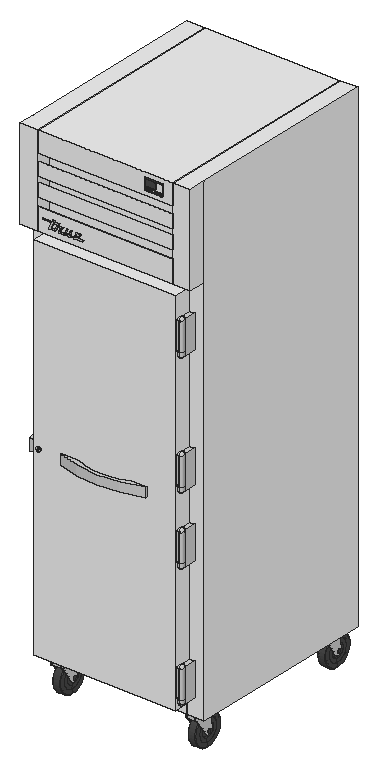
Revit family "QF_TRUE_STR1R-1S-HC", category Specialty Equipment, Revit 2011
Parameters
  Weight in Pounds = 0
  Watts = Volts * FL Amps  # 437 W
  Volts = 115 V
  URL Cutsheet = "www.truemfg.com"
  URL = "www.truemfg.com"
  Type Mark [instance] = "1"
  Type Comments = "www.truemfg.com"
  Status [instance] = ""
  Specification by User [instance] = ""
  Specification by Manufacturer = ""
  Show Seismic Flanged [instance] = no
  Show Logo [instance] = yes
  Show Legs [instance] = no
  Show Clearance [instance] = yes
  Serial Number = ""
  Seismic Rating = ""
  Seismic Plate [instance] = and(Show Seismic Flanged, not(Show Casters))  # no
  SMACNA No = ""
  Revision Code [instance] = ""
  Phase = 1
  Omniclass Number and Title = ""
  Number of Poles [instance] = 1
  NAFEM Spec ID Number = ""
  Model = "STR1R-1S-HC"
  Min Ckt Ampacity = 0 A
  Max Overcurrent Protection = 0 A
  Masterspec = ""
  Manufacturer = "TRUE FOOD SERVICE EQUIPMENT, INC."
  Length = 27 1/2"
  Legs [instance] = or(Show Legs, Show Seismic Flanged)  # no
  Item Number [instance] = ""
  Installed By [instance] = ""
  Identify Quantity as Lot [instance] = yes
  Height = 77 3/4"
  HP = "1/4"
  Furnished By [instance] = ""
  Foodservice Equipment Identifier [instance] = yes
  FL Amps = 3.8 A
  Electrical Remarks [instance] = ""
  Electric Connection Type [instance] = ""
  Elec Conn RI Height [instance] = 0"
  Elec Conn Connection Height [instance] = 0"
  Description = "REACH-IN SOLID SWING DOOR REFRIGERATORS WITH HYDROCARBON REFRIGERANT"
  Depth = 33 3/4"
  Cycle = 60 Hz
  Conn Plug = "5-15P"
  Conn Conduit = yes
  Show Casters [instance] = and(not(if(Show Legs, Show Legs, Show Legs)), not(if(Show Legs, Show Legs, Show Seismic Flanged)))  # yes
  CSI MasterFormat = ""
  CSI Master Format = ""
  Apparent Power = if(Phase = 3, Volts * FL Amps * 1.73, Volts * FL Amps)  # 437 VA
Reference planes (in)
  plane 1 "BACK": y = 0
  plane 2: z = 0
  plane 3 "LEFT": x = 0
  plane 4 "RIGHT": x = 27.5
  plane 5 "FRONT": y = -33.75
  plane 6 "TOP": z = 84.125
  plane 7: z = 6.125
  plane 8: x = 2.84375
  plane 9: y = -33.7042
  plane 10: y = -35.21875
Forms (in)
  Extrusion 1, solid, material "QF_Finishes_Chrome - Satin"
    sketch origin (0.05, 0, 0) x (1, 0, 0) y (0, 1, 0)
      loop
        line (-0.05, 0) -> (-0.05, -31) -> (2.87859, -31) -> (2.87859, 0) -> (-0.05, 0)
    from 6.125 to 84.125
  Extrusion 2, solid, material "QF_Finishes_Chrome - Satin"
    sketch origin (50.15, 0, 0) x (1, 0, 0) y (0, 1, 0)
      loop
        line (-25.44375, 0) -> (-25.44375, -31) -> (-22.65, -31) -> (-22.65, 0) -> (-25.44375, 0)
    from 6.125 to 84.125
  Extrusion 3, solid, material "QF_Finishes_Chrome - Satin"
    sketch origin (0, 0, 0) x (0, 1, 0) y (0, 0, 1)
      loop
        line (-33.7042, 69.5) -> (-31, 69.5) -> (-31, 6.125) -> (0, 6.125) -> (0, 84.125) -> (-33.7042, 84.125) -> (-33.7042, 80.78078) -> (-31.5, 79.21352) -> (-31.5, 78.09125) -> (-33.7042, 79.65851) -> (-33.7042, 77.5248) -> (-31.5, 75.95754) -> (-31.5, 74.99678) -> (-33.7042, 76.56404) -> (-33.7042, 74.46784) -> (-31.5, 72.90057) -> (-31.5, 71.625) -> (-33.7042, 73.19226) -> (-33.7042, 69.5)
    from 2.92859 to 24.70625
  Extrusion 4, solid, material "QF_Finishes_Chrome - Satin"
    sketch origin (0, 0, 0) x (1, 0, 0) y (0, 1, 0)
      loop
        line (27.45312, -31) -> (24.70625, -31) -> (24.70625, -33.75) -> (27.45312, -33.75) -> (27.45312, -31)
    from 69.5 to 84.125
  Extrusion 5, solid, material "QF_Finishes_Chrome - Satin"
    sketch origin (-50.125, 0, 0.25) x (1, 0, 0) y (0, 1, 0)
      loop
        line (53.05359, -31) -> (50.17188, -31) -> (50.17188, -33.75) -> (53.05359, -33.75) -> (53.05359, -31)
    from 69.25 to 83.875
  Extrusion 6, solid, material "QF_Finishes_Chrome - Satin"
    sketch origin (-24.96875, 0, -0.71875) x (1, 0, 0) y (0, 0, 1)
      loop
        line (27.15625, 8.75) -> (50.09375, 8.75) -> (50.09375, 68.6875) -> (27.15625, 68.6875) -> (27.15625, 8.75)
    from 31 to 33.75
  Extrusion 7, solid, material "QF_Finishes_Handrails and Railings"
    sketch origin (60.73125, -0.25, 26.37269) x (1, 0, 0) y (0, 1, 0)
      loop
        line (-53.875, -33.5) -> (-53.875, -33.7)
        arc (-53.875, -33.7) -> (-47.075, -34.96876) -> (-40.275, -33.7) r 18.85688
        line (-40.275, -33.7) -> (-40.275, -33.5) -> (-42.675, -33.5)
        arc (-42.675, -33.5) -> (-47.075, -34.5273) -> (-51.475, -33.5) r 9.93637
        line (-51.475, -33.5) -> (-53.875, -33.5)
    from 10.87731 to 12.37731
  Extrusion 8, solid, material "QF_Finishes_Handrails and Railings"
    sketch origin (-23.375, 0, -2) x (1, 0, 0) y (0, 0, 1)
      loop
        circle (26.4375, 40.0625) r 0.35
      loop
        line (26.47265, 40.33635) -> (26.41715, 40.33635) -> (26.41715, 39.76895) -> (26.47265, 39.76895) -> (26.47265, 40.33635)
    from 33.5 to 33.83066
  Extrusion 9, solid, material "QF_Finishes_Handrails and Railings", visible <- "Show Logo"
    sketch origin (0.33478, 1.08173, -6.73143) x (1, 0, 0) y (0, 0, 1)
      loop
        line (3.46044, 78.46231) -> (3.35478, 78.23573) -> (4.76027, 78.23573)
        arc (4.76027, 78.23573) -> (4.78879, 78.18528) -> (4.76027, 78.13484) r 0.05887
        line (4.76027, 78.13484) -> (4.39369, 77.34872)
        arc (4.39369, 77.34872) -> (4.39051, 77.27591) -> (4.43975, 77.22217) r 0.09523
        line (4.43975, 77.22217) -> (5.33844, 77.22217)
        arc (5.33844, 77.22217) -> (5.45192, 77.25795) -> (5.52436, 77.35235) r 0.19785
        line (5.52436, 77.35235) -> (5.81285, 77.97101) -> (6.0779, 77.97101)
        arc (6.0779, 77.97101) -> (6.14744, 77.94543) -> (6.13737, 77.87203) r 0.05911
        line (6.13737, 77.87203) -> (5.89598, 77.35437)
        arc (5.89598, 77.35437) -> (5.89974, 77.2684) -> (5.97231, 77.22217) r 0.09318
        line (5.97231, 77.22217) -> (6.76198, 77.22217)
        arc (6.76198, 77.22217) -> (6.82249, 77.24419) -> (6.85468, 77.29995) r 0.09412
        arc (6.85468, 77.29995) -> (6.87746, 77.24495) -> (6.93246, 77.22217) r 0.07778
        line (6.93246, 77.22217) -> (7.43246, 77.22217)
        arc (7.43246, 77.22217) -> (7.49022, 77.23765) -> (7.53251, 77.27993) r 0.11552
        arc (7.53251, 77.27993) -> (7.55275, 77.23106) -> (7.60162, 77.21081) r 0.06912
        line (7.60162, 77.21081) -> (8.31225, 77.21081)
        arc (8.31225, 77.21081) -> (8.37034, 77.23488) -> (8.39441, 77.29297) r 0.08216
        arc (8.39441, 77.29297) -> (8.44767, 77.23972) -> (8.52042, 77.22022) r 0.14551
        line (8.52042, 77.22022) -> (9.85158, 77.22022) -> (9.99946, 77.47634) -> (8.65678, 77.47634)
        arc (8.65678, 77.47634) -> (8.61972, 77.50204) -> (8.61834, 77.54711) r 0.05009
        line (8.61834, 77.54711) -> (8.64157, 77.59692)
        arc (8.64157, 77.59692) -> (8.67723, 77.64364) -> (8.73327, 77.66135) r 0.09747
        line (8.73327, 77.66135) -> (9.16485, 77.66135)
        arc (9.16485, 77.66135) -> (9.258, 77.68631) -> (9.32619, 77.7545) r 0.1863
        line (9.32619, 77.7545) -> (9.45119, 77.97101)
        arc (9.45119, 77.97101) -> (9.45119, 78.08657) -> (9.35111, 78.14434) r 0.11556
        line (9.35111, 78.14434) -> (8.89562, 78.14434)
        arc (8.89562, 78.14434) -> (8.7795, 78.12462) -> (8.69849, 78.03912) r 0.18605
        line (8.69849, 78.03912) -> (8.48204, 77.57493)
        arc (8.48204, 77.57493) -> (8.41815, 77.49167) -> (8.31806, 77.46011) r 0.1745
        line (8.31806, 77.46011) -> (7.84559, 77.46011)
        arc (7.84559, 77.46011) -> (7.78903, 77.52184) -> (7.79268, 77.60548) r 0.10939
        line (7.79268, 77.60548) -> (8.04395, 78.14434) -> (7.88403, 78.14434) -> (7.61781, 77.57344)
        arc (7.61781, 77.57344) -> (7.56609, 77.50603) -> (7.48505, 77.48048) r 0.14128
        line (7.48505, 77.48048) -> (7.15925, 77.48048)
        arc (7.15925, 77.48048) -> (7.10419, 77.55223) -> (7.116, 77.64189) r 0.11816
        line (7.116, 77.64189) -> (7.3503, 78.14434) -> (7.18514, 78.14434) -> (6.91546, 77.566)
        arc (6.91546, 77.566) -> (6.85285, 77.50339) -> (6.76733, 77.48048) r 0.17104
        line (6.76733, 77.48048) -> (6.29555, 77.48048)
        arc (6.29555, 77.48048) -> (6.21082, 77.51999) -> (6.20267, 77.61313) r 0.0935
        line (6.20267, 77.61313) -> (6.35774, 77.94569) -> (6.57695, 77.94569)
        arc (6.57695, 77.94569) -> (6.61395, 78.05717) -> (6.69267, 78.14434) r 0.2857
        line (6.69267, 78.14434) -> (5.83605, 78.14434)
        arc (5.83605, 78.14434) -> (5.74086, 78.12324) -> (5.67498, 78.05135) r 0.16212
        line (5.67498, 78.05135) -> (5.44279, 77.55341)
        arc (5.44279, 77.55341) -> (5.3894, 77.50002) -> (5.31647, 77.48048) r 0.14586
        line (5.31647, 77.48048) -> (4.80506, 77.48048)
        arc (4.80506, 77.48048) -> (4.76514, 77.53442) -> (4.77274, 77.60109) r 0.09155
        line (4.77274, 77.60109) -> (5.11018, 78.23573) -> (5.96155, 78.23573) -> (6.06721, 78.46231) -> (5.21584, 78.46231) -> (5.32149, 78.68888) -> (5.01862, 78.68888) -> (4.91297, 78.46231) -> (3.46044, 78.46231)
      loop
        arc (8.83805, 77.93863) -> (8.80119, 77.92875) -> (8.7742, 77.90176) r 0.07373
        line (8.7742, 77.90176) -> (8.75229, 77.83436)
        arc (8.75229, 77.83436) -> (8.76245, 77.80983) -> (8.78699, 77.79966) r 0.0347
        line (8.78699, 77.79966) -> (9.15948, 77.79966)
        arc (9.15948, 77.79966) -> (9.18632, 77.80561) -> (9.20812, 77.82234) r 0.0635
        line (9.20812, 77.82234) -> (9.22624, 77.90622)
        arc (9.22624, 77.90622) -> (9.22091, 77.92868) -> (9.20009, 77.93863) r 0.02676
        line (9.20009, 77.93863) -> (8.83805, 77.93863)
    from 34.76797 to 34.83173
  Extrusion 10, solid, material "QF_Finishes_White"
    sketch origin (-23.16691, 1.06376, 1.58022) x (1, 0, 0) y (0, 0, 1)
      loop
        line (43.31732, 81.73227) -> (43.31732, 79.98496) -> (46.22357, 79.98496) -> (46.22357, 81.73227) -> (43.31732, 81.73227)
    from 34.75 to 34.76797
  Extrusion 11, solid, material "QF_Finishes_Black"
    sketch origin (-23.16691, 1.06376, 1.58022) x (1, 0, 0) y (0, 0, 1)
      loop
        line (46.28607, 81.79477) -> (43.25482, 81.79477) -> (43.25482, 79.92246) -> (46.28607, 79.92246) -> (46.28607, 81.79477)
      loop
        spline (43.45482, 80.25372) -> (43.46333, 80.23754) -> (43.48831, 80.22247) -> (43.52804, 80.20952) -> (43.57982, 80.19959) -> (43.64011, 80.19335) -> (43.70482, 80.19122) -> (43.76952, 80.19335) -> (43.82982, 80.19959) -> (43.88159, 80.20952) -> (43.92132, 80.22247) -> (43.9463, 80.23754) -> (43.95482, 80.25372)
        spline (43.95482, 80.25372) -> (43.9463, 80.26989) -> (43.92132, 80.28497) -> (43.88159, 80.29791) -> (43.82982, 80.30784) -> (43.76952, 80.31409) -> (43.70482, 80.31622) -> (43.64011, 80.31409) -> (43.57982, 80.30784) -> (43.52804, 80.29791) -> (43.48831, 80.28497) -> (43.46333, 80.26989) -> (43.45482, 80.25372)
      loop
        spline (44.15083, 80.25372) -> (44.15935, 80.23754) -> (44.18432, 80.22247) -> (44.22405, 80.20952) -> (44.27583, 80.19959) -> (44.33612, 80.19335) -> (44.40083, 80.19122) -> (44.46553, 80.19335) -> (44.52583, 80.19959) -> (44.57761, 80.20952) -> (44.61734, 80.22247) -> (44.64231, 80.23754) -> (44.65083, 80.25372)
        spline (44.65083, 80.25372) -> (44.64231, 80.26989) -> (44.61734, 80.28497) -> (44.57761, 80.29791) -> (44.52583, 80.30784) -> (44.46553, 80.31409) -> (44.40083, 80.31622) -> (44.33612, 80.31409) -> (44.27583, 80.30784) -> (44.22405, 80.29791) -> (44.18432, 80.28497) -> (44.15935, 80.26989) -> (44.15083, 80.25372)
      loop
        spline (44.90083, 80.25372) -> (44.90935, 80.23754) -> (44.93432, 80.22247) -> (44.97405, 80.20952) -> (45.02583, 80.19959) -> (45.08612, 80.19335) -> (45.15083, 80.19122) -> (45.21553, 80.19335) -> (45.27583, 80.19959) -> (45.32761, 80.20952) -> (45.36734, 80.22247) -> (45.39231, 80.23754) -> (45.40083, 80.25372)
        spline (45.40083, 80.25372) -> (45.39231, 80.26989) -> (45.36734, 80.28497) -> (45.32761, 80.29791) -> (45.27583, 80.30784) -> (45.21553, 80.31409) -> (45.15083, 80.31622) -> (45.08612, 80.31409) -> (45.02583, 80.30784) -> (44.97405, 80.29791) -> (44.93432, 80.28497) -> (44.90935, 80.26989) -> (44.90083, 80.25372)
      loop
        line (43.45481, 81.59478) -> (43.45481, 80.59478) -> (45.15433, 80.59478) -> (45.15433, 81.59478) -> (43.45481, 81.59478)
      loop
        line (46.22357, 81.73227) -> (43.31732, 81.73227) -> (43.31732, 79.98496) -> (46.22357, 79.98496) -> (46.22357, 81.73227)
      loop
        spline (45.65083, 80.25372) -> (45.65935, 80.23754) -> (45.68432, 80.22247) -> (45.72405, 80.20952) -> (45.77583, 80.19959) -> (45.83612, 80.19335) -> (45.90083, 80.19122) -> (45.96553, 80.19335) -> (46.02583, 80.19959) -> (46.07761, 80.20952) -> (46.11734, 80.22247) -> (46.14231, 80.23754) -> (46.15083, 80.25372)
        spline (46.15083, 80.25372) -> (46.14231, 80.26989) -> (46.11734, 80.28497) -> (46.07761, 80.29791) -> (46.02583, 80.30784) -> (45.96553, 80.31409) -> (45.90083, 80.31622) -> (45.83612, 80.31409) -> (45.77583, 80.30784) -> (45.72405, 80.29791) -> (45.68432, 80.28497) -> (45.65935, 80.26989) -> (45.65083, 80.25372)
    from 34.76797 to 34.80335
  Extrusion 12, solid
    sketch origin (-25.125, 0, 0) x (1, 0, 0) y (0, 0, 1)
      loop
        circle (49.375, 82) r 0.25
    from 0 to 0.0625
  Blend 13, solid, material "QF_Finishes_Handrails and Railings"
    base sketch origin (27.53125, 0, 0) x (-1, 0, 0) y (0, 0, -1)
      loop
        line (25.25, -38.99169) -> (26, -38.99169) -> (26, -37.24169) -> (25.25, -37.24169) -> (25.25, -38.99169)
    top sketch origin (27.53125, 0, 0) x (-1, 0, 0) y (0, 0, -1)
      loop
        line (26.18223, -36.6441) -> (25.25, -36.6441) -> (25.25, -39.42643) -> (26.18223, -39.42643) -> (26.18223, -36.6441)
    from 33.57883 to 31
  Extrusion 14, solid, material "QF_Finishes_Handrails and Railings"
    sketch origin (26.1875, 0, 0) x (0, 1, 0) y (0, 0, -1)
      loop
        line (-31, -64.55229) -> (-31, -59.23627) -> (-33.25, -59.23627) -> (-33.25, -59.94848) -> (-32.81497, -59.94848) -> (-32.81497, -64.34776)
        arc (-32.81497, -64.34776) -> (-32.75506, -64.49238) -> (-32.61044, -64.55229) r 0.20453
        line (-32.61044, -64.55229) -> (-31, -64.55229)
    from 0.17506 to 1
  Revolve 15, solid, material "QF_Finishes_Handrails and Railings"
    sketch origin (25.6875, 0, 0) x (0, 1, 0) y (0, 0, -1)
      loop
        line (-33.26563, -60.00189) -> (-33.67229, -60.00189) -> (-33.67229, -64.4736)
        arc (-33.67229, -64.4736) -> (-33.53722, -64.72557) -> (-33.26563, -64.81483) r 0.3848
        line (-33.26563, -64.81483) -> (-33.26563, -60.00189)
      loop
        line (-33.26563, -59.94848) -> (-33.26563, -59.04781)
        arc (-33.26563, -59.04781) -> (-33.53264, -59.13383) -> (-33.67229, -59.37712) r 0.38884
        line (-33.67229, -59.37712) -> (-33.67229, -59.94848) -> (-33.26563, -59.94848)
      axis (-33.26563, -59.04781) -> (-33.26563, -64.81483)
    angle from 0 to 360
  Extrusion 16, solid, material "QF_Finishes_Handrails and Railings"
    sketch origin (27.5, 0, 0) x (-1, 0, 0) y (0, 0, -1)
      loop
        line (1.91491, -64.4736) -> (2.3125, -64.4736) -> (2.3125, -60.00079) -> (1.91491, -60.00079) -> (1.91491, -64.4736)
    from 32.81497 to 33.59495
  Extrusion 17, solid, material "QF_Finishes_Handrails and Railings"
    sketch origin (26.1875, 0, -19.5) x (0, 1, 0) y (0, 0, -1)
      loop
        line (-31, -64.55229) -> (-31, -59.23627) -> (-33.25, -59.23627) -> (-33.25, -59.94848) -> (-32.81497, -59.94848) -> (-32.81497, -64.34776)
        arc (-32.81497, -64.34776) -> (-32.75506, -64.49238) -> (-32.61044, -64.55229) r 0.20453
        line (-32.61044, -64.55229) -> (-31, -64.55229)
    from 0.17506 to 1
  Revolve 18, solid, material "QF_Finishes_Handrails and Railings"
    sketch origin (25.6875, 0, -19.5) x (0, 1, 0) y (0, 0, -1)
      loop
        line (-33.26563, -60.00189) -> (-33.67229, -60.00189) -> (-33.67229, -64.4736)
        arc (-33.67229, -64.4736) -> (-33.53722, -64.72557) -> (-33.26563, -64.81483) r 0.3848
        line (-33.26563, -64.81483) -> (-33.26563, -60.00189)
      loop
        line (-33.26563, -59.94848) -> (-33.26563, -59.04781)
        arc (-33.26563, -59.04781) -> (-33.53264, -59.13383) -> (-33.67229, -59.37712) r 0.38884
        line (-33.67229, -59.37712) -> (-33.67229, -59.94848) -> (-33.26563, -59.94848)
      axis (-33.26563, -59.04781) -> (-33.26563, -64.81483)
    angle from 0 to 360
  Extrusion 19, solid, material "QF_Finishes_Handrails and Railings"
    sketch origin (27.5, 0, -19.5) x (-1, 0, 0) y (0, 0, -1)
      loop
        line (1.91491, -64.4736) -> (2.3125, -64.4736) -> (2.3125, -60.00079) -> (1.91491, -60.00079) -> (1.91491, -64.4736)
    from 32.81497 to 33.59495
  Extrusion 20, solid, material "QF_Finishes_Handrails and Railings"
    sketch origin (26.1875, 0, -30.5) x (0, 1, 0) y (0, 0, -1)
      loop
        line (-31, -64.55229) -> (-31, -59.23627) -> (-33.25, -59.23627) -> (-33.25, -59.94848) -> (-32.81497, -59.94848) -> (-32.81497, -64.34776)
        arc (-32.81497, -64.34776) -> (-32.75506, -64.49238) -> (-32.61044, -64.55229) r 0.20453
        line (-32.61044, -64.55229) -> (-31, -64.55229)
    from 0.17506 to 1
  Revolve 21, solid, material "QF_Finishes_Handrails and Railings"
    sketch origin (25.6875, 0, -30.5) x (0, 1, 0) y (0, 0, -1)
      loop
        line (-33.26563, -60.00189) -> (-33.67229, -60.00189) -> (-33.67229, -64.4736)
        arc (-33.67229, -64.4736) -> (-33.53722, -64.72557) -> (-33.26563, -64.81483) r 0.3848
        line (-33.26563, -64.81483) -> (-33.26563, -60.00189)
      loop
        line (-33.26563, -59.94848) -> (-33.26563, -59.04781)
        arc (-33.26563, -59.04781) -> (-33.53264, -59.13383) -> (-33.67229, -59.37712) r 0.38884
        line (-33.67229, -59.37712) -> (-33.67229, -59.94848) -> (-33.26563, -59.94848)
      axis (-33.26563, -59.04781) -> (-33.26563, -64.81483)
    angle from 0 to 360
  Extrusion 22, solid, material "QF_Finishes_Handrails and Railings"
    sketch origin (27.5, 0, -30.5) x (-1, 0, 0) y (0, 0, -1)
      loop
        line (1.91491, -64.4736) -> (2.3125, -64.4736) -> (2.3125, -60.00079) -> (1.91491, -60.00079) -> (1.91491, -64.4736)
    from 32.81497 to 33.59495
  Extrusion 23, solid, material "QF_Finishes_Handrails and Railings"
    sketch origin (26.1875, 0, -50.25) x (0, 1, 0) y (0, 0, -1)
      loop
        line (-31, -64.55229) -> (-31, -59.23627) -> (-33.25, -59.23627) -> (-33.25, -59.94848) -> (-32.81497, -59.94848) -> (-32.81497, -64.34776)
        arc (-32.81497, -64.34776) -> (-32.75506, -64.49238) -> (-32.61044, -64.55229) r 0.20453
        line (-32.61044, -64.55229) -> (-31, -64.55229)
    from 0.17506 to 1
  Revolve 24, solid, material "QF_Finishes_Handrails and Railings"
    sketch origin (25.6875, 0, -50.25) x (0, 1, 0) y (0, 0, -1)
      loop
        line (-33.26563, -60.00189) -> (-33.67229, -60.00189) -> (-33.67229, -64.4736)
        arc (-33.67229, -64.4736) -> (-33.53722, -64.72557) -> (-33.26563, -64.81483) r 0.3848
        line (-33.26563, -64.81483) -> (-33.26563, -60.00189)
      loop
        line (-33.26563, -59.94848) -> (-33.26563, -59.04781)
        arc (-33.26563, -59.04781) -> (-33.53264, -59.13383) -> (-33.67229, -59.37712) r 0.38884
        line (-33.67229, -59.37712) -> (-33.67229, -59.94848) -> (-33.26563, -59.94848)
      axis (-33.26563, -59.04781) -> (-33.26563, -64.81483)
    angle from 0 to 360
  Extrusion 25, solid, material "QF_Finishes_Handrails and Railings"
    sketch origin (27.5, 0, -50.25) x (-1, 0, 0) y (0, 0, -1)
      loop
        line (1.91491, -64.4736) -> (2.3125, -64.4736) -> (2.3125, -60.00079) -> (1.91491, -60.00079) -> (1.91491, -64.4736)
    from 32.81497 to 33.59495
  Revolve 26, solid, material "QF_Finishes_Black", visible <- "Show Casters"
    sketch origin (22.65625, -27.375, 0) x (1, 0, 0) y (0, 0, 1)
      loop
        line (1.475, 5) -> (1.375, 4.9) -> (1.375, 4.29941) -> (1.53601, 4.29941) -> (1.53601, 3.54941) -> (1.375, 3.54941) -> (1.375, 2.79941) -> (0.975, 2.79941) -> (0.975, 2.5) -> (3.025, 2.5) -> (3.025, 2.79941) -> (2.62908, 2.79941) -> (2.62908, 3.54941) -> (2.46399, 3.54941) -> (2.46399, 4.29941) -> (2.62908, 4.29941) -> (2.62908, 4.89592) -> (2.525, 5) -> (1.475, 5)
      axis (3.025, 2.5) -> (0.975, 2.5)
    angle from 0 to 360
  Extrusion 27, solid, material "QF_Finishes_Handrails and Railings", visible <- "Show Casters"
    sketch origin (22.5625, 0, 0) x (0, 1, 0) y (0, 0, 1)
      loop
        line (-29.95136, 5.48574) -> (-29.95136, 4.88089) -> (-29.70136, 4.88089) -> (-27.95216, 2.18736)
        arc (-27.95216, 2.18736) -> (-27.23883, 1.94868) -> (-26.84581, 2.59003) r 0.60416
        line (-26.84581, 2.59003) -> (-27.20136, 5.48574) -> (-29.95136, 5.48574)
      loop
        line (-3.8577, 5.48574) -> (-3.8577, 4.88089) -> (-3.6077, 4.88089) -> (-1.8585, 2.18736)
        arc (-1.8585, 2.18736) -> (-1.14517, 1.94868) -> (-0.75215, 2.59003) r 0.60416
        line (-0.75215, 2.59003) -> (-1.1077, 5.48574) -> (-3.8577, 5.48574)
    from 1.175 to 1.325
  Extrusion 28, solid, material "QF_Finishes_Handrails and Railings", visible <- "Show Casters"
    sketch origin (24.0625, 0, 0) x (0, 1, 0) y (0, 0, 1)
      loop
        line (-29.95136, 5.48574) -> (-29.95136, 4.88089) -> (-29.70136, 4.88089) -> (-27.95216, 2.18736)
        arc (-27.95216, 2.18736) -> (-27.23883, 1.94868) -> (-26.84581, 2.59003) r 0.60416
        line (-26.84581, 2.59003) -> (-27.20136, 5.48574) -> (-29.95136, 5.48574)
      loop
        line (-3.8577, 5.48574) -> (-3.8577, 4.88089) -> (-3.6077, 4.88089) -> (-1.8585, 2.18736)
        arc (-1.8585, 2.18736) -> (-1.14517, 1.94868) -> (-0.75215, 2.59003) r 0.60416
        line (-0.75215, 2.59003) -> (-1.1077, 5.48574) -> (-3.8577, 5.48574)
    from 1.175 to 1.325
  Revolve 29, solid, material "QF_Finishes_Chrome - Satin", visible <- "Show Casters"
    sketch origin (22.65625, -28.5625, -0.5) x (1, 0, 0) y (0, 0, 1)
      loop
        line (2, 5.99546) -> (2, 6.62359) -> (0.70293, 6.62359) -> (0.70293, 5.99546) -> (2, 5.99546)
      axis (2, 5.99546) -> (2, 6.62359)
    angle from 0 to 360
  Revolve 30, solid, material "QF_Finishes_Chrome - Satin", visible <- "Legs"
    sketch origin (22.65625, -2.69102, 0) x (1, 0, 0) y (0, 0, 1)
      loop
        line (2, 6.125) -> (0.66662, 6.125) -> (1.25, 1) -> (1.5, 1) -> (1.5, 0) -> (2, 0) -> (2, 6.125)
      axis (2, 0) -> (2, 6.125)
    angle from 0 to 360
  Revolve 31, solid, material "QF_Finishes_Chrome - Satin", visible <- "Legs"
    sketch origin (22.65625, -28.65977, 0) x (1, 0, 0) y (0, 0, 1)
      loop
        line (2, 6.125) -> (0.66662, 6.125) -> (1.25, 1) -> (1.5, 1) -> (1.5, 0) -> (2, 0) -> (2, 6.125)
      axis (2, 0) -> (2, 6.125)
    angle from 0 to 360
  Revolve 32, solid, material "QF_Finishes_Chrome - Satin", visible <- "Show Casters"
    sketch origin (22.65625, -2.70321, -0.5) x (1, 0, 0) y (0, 0, 1)
      loop
        line (2, 5.99546) -> (2, 6.62359) -> (0.70293, 6.62359) -> (0.70293, 5.99546) -> (2, 5.99546)
      axis (2, 5.99546) -> (2, 6.62359)
    angle from 0 to 360
  Extrusion 33, solid, material "QF_Finishes_Handrails and Railings", visible <- "Show Casters"
    sketch origin (-25.21875, 0, 0) x (0, 1, 0) y (0, 0, 1)
      loop
        line (-29.95136, 5.48574) -> (-29.95136, 4.88089) -> (-29.70136, 4.88089) -> (-27.16533, 5.19227) -> (-27.20136, 5.48574) -> (-29.95136, 5.48574)
      loop
        line (-3.8577, 5.48574) -> (-3.8577, 4.88089) -> (-3.6077, 4.88089) -> (-1.07167, 5.19227) -> (-1.1077, 5.48574) -> (-3.8577, 5.48574)
    from 49.10625 to 50.45625
  Revolve 34, solid, material "QF_Finishes_Black", visible <- "Show Casters"
    sketch origin (22.65625, -1.21875, 0) x (1, 0, 0) y (0, 0, 1)
      loop
        line (1.475, 5) -> (1.375, 4.9) -> (1.375, 4.29941) -> (1.53601, 4.29941) -> (1.53601, 3.54941) -> (1.375, 3.54941) -> (1.375, 2.79941) -> (0.975, 2.79941) -> (0.975, 2.5) -> (3.025, 2.5) -> (3.025, 2.79941) -> (2.62908, 2.79941) -> (2.62908, 3.54941) -> (2.46399, 3.54941) -> (2.46399, 4.29941) -> (2.62908, 4.29941) -> (2.62908, 4.89592) -> (2.525, 5) -> (1.475, 5)
      axis (3.025, 2.5) -> (0.975, 2.5)
    angle from 0 to 360
  Revolve 35, solid, material "QF_Finishes_Black", visible <- "Show Casters"
    sketch origin (0.84375, -27.375, 0) x (1, 0, 0) y (0, 0, 1)
      loop
        line (1.475, 5) -> (1.375, 4.9) -> (1.375, 4.29941) -> (1.53601, 4.29941) -> (1.53601, 3.54941) -> (1.375, 3.54941) -> (1.375, 2.79941) -> (0.975, 2.79941) -> (0.975, 2.5) -> (3.025, 2.5) -> (3.025, 2.79941) -> (2.62908, 2.79941) -> (2.62908, 3.54941) -> (2.46399, 3.54941) -> (2.46399, 4.29941) -> (2.62908, 4.29941) -> (2.62908, 4.89592) -> (2.525, 5) -> (1.475, 5)
      axis (3.025, 2.5) -> (0.975, 2.5)
    angle from 0 to 360
  Extrusion 36, solid, material "QF_Finishes_Handrails and Railings", visible <- "Show Casters"
    sketch origin (0.84375, 0, 0) x (0, 1, 0) y (0, 0, 1)
      loop
        line (-29.95136, 5.48574) -> (-29.95136, 4.88089) -> (-29.70136, 4.88089) -> (-27.95216, 2.18736)
        arc (-27.95216, 2.18736) -> (-27.23883, 1.94868) -> (-26.84581, 2.59003) r 0.60416
        line (-26.84581, 2.59003) -> (-27.20136, 5.48574) -> (-29.95136, 5.48574)
      loop
        line (-3.8577, 5.48574) -> (-3.8577, 4.88089) -> (-3.6077, 4.88089) -> (-1.8585, 2.18736)
        arc (-1.8585, 2.18736) -> (-1.14517, 1.94868) -> (-0.75215, 2.59003) r 0.60416
        line (-0.75215, 2.59003) -> (-1.1077, 5.48574) -> (-3.8577, 5.48574)
    from 1.175 to 1.325
  Extrusion 37, solid, material "QF_Finishes_Handrails and Railings", visible <- "Show Casters"
    sketch origin (2.34375, 0, 0) x (0, 1, 0) y (0, 0, 1)
      loop
        line (-29.95136, 5.48574) -> (-29.95136, 4.88089) -> (-29.70136, 4.88089) -> (-27.95216, 2.18736)
        arc (-27.95216, 2.18736) -> (-27.23883, 1.94868) -> (-26.84581, 2.59003) r 0.60416
        line (-26.84581, 2.59003) -> (-27.20136, 5.48574) -> (-29.95136, 5.48574)
      loop
        line (-3.8577, 5.48574) -> (-3.8577, 4.88089) -> (-3.6077, 4.88089) -> (-1.8585, 2.18736)
        arc (-1.8585, 2.18736) -> (-1.14517, 1.94868) -> (-0.75215, 2.59003) r 0.60416
        line (-0.75215, 2.59003) -> (-1.1077, 5.48574) -> (-3.8577, 5.48574)
    from 1.175 to 1.325
  Revolve 38, solid, material "QF_Finishes_Chrome - Satin", visible <- "Show Casters"
    sketch origin (0.84375, -28.5625, -0.5) x (1, 0, 0) y (0, 0, 1)
      loop
        line (2, 5.99546) -> (2, 6.62359) -> (0.70293, 6.62359) -> (0.70293, 5.99546) -> (2, 5.99546)
      axis (2, 5.99546) -> (2, 6.62359)
    angle from 0 to 360
  Revolve 39, solid, material "QF_Finishes_Chrome - Satin", visible <- "Legs"
    sketch origin (0.84375, -2.69102, 0) x (1, 0, 0) y (0, 0, 1)
      loop
        line (2, 6.125) -> (0.66662, 6.125) -> (1.25, 1) -> (1.5, 1) -> (1.5, 0) -> (2, 0) -> (2, 6.125)
      axis (2, 0) -> (2, 6.125)
    angle from 0 to 360
  Revolve 40, solid, material "QF_Finishes_Chrome - Satin", visible <- "Legs"
    sketch origin (0.84375, -28.65977, 0) x (1, 0, 0) y (0, 0, 1)
      loop
        line (2, 6.125) -> (0.66662, 6.125) -> (1.25, 1) -> (1.5, 1) -> (1.5, 0) -> (2, 0) -> (2, 6.125)
      axis (2, 0) -> (2, 6.125)
    angle from 0 to 360
  Revolve 41, solid, material "QF_Finishes_Chrome - Satin", visible <- "Show Casters"
    sketch origin (0.84375, -2.70321, -0.5) x (1, 0, 0) y (0, 0, 1)
      loop
        line (2, 5.99546) -> (2, 6.62359) -> (0.70293, 6.62359) -> (0.70293, 5.99546) -> (2, 5.99546)
      axis (2, 5.99546) -> (2, 6.62359)
    angle from 0 to 360
  Extrusion 42, solid, material "QF_Finishes_Handrails and Railings", visible <- "Show Casters"
    sketch origin (-46.9375, 0, 0) x (0, 1, 0) y (0, 0, 1)
      loop
        line (-29.95136, 5.48574) -> (-29.95136, 4.88089) -> (-29.70136, 4.88089) -> (-27.16533, 5.19227) -> (-27.20136, 5.48574) -> (-29.95136, 5.48574)
      loop
        line (-3.8577, 5.48574) -> (-3.8577, 4.88089) -> (-3.6077, 4.88089) -> (-1.07167, 5.19227) -> (-1.1077, 5.48574) -> (-3.8577, 5.48574)
    from 49.10625 to 50.45625
  Revolve 43, solid, material "QF_Finishes_Black", visible <- "Show Casters"
    sketch origin (0.84375, -1.21875, 0) x (1, 0, 0) y (0, 0, 1)
      loop
        line (1.475, 5) -> (1.375, 4.9) -> (1.375, 4.29941) -> (1.53601, 4.29941) -> (1.53601, 3.54941) -> (1.375, 3.54941) -> (1.375, 2.79941) -> (0.975, 2.79941) -> (0.975, 2.5) -> (3.025, 2.5) -> (3.025, 2.79941) -> (2.62908, 2.79941) -> (2.62908, 3.54941) -> (2.46399, 3.54941) -> (2.46399, 4.29941) -> (2.62908, 4.29941) -> (2.62908, 4.89592) -> (2.525, 5) -> (1.475, 5)
      axis (3.025, 2.5) -> (0.975, 2.5)
    angle from 0 to 360
  Extrusion 44, solid, material "QF_Door-Drawer Clearances", visible <- "Show Clearance", detail levels coarse
    sketch origin (26.30341, -3.6098, 0) x (1, 0, 0) y (0, 1, 0)
      loop
        line (-1.17841, -30.1402) -> (-24.14716, -30.1402)
        arc (-24.14716, -30.1402) -> (-17.41977, -46.38156) -> (-1.17841, -53.10895) r 22.96875
        line (-1.17841, -53.10895) -> (-1.17841, -30.1402)
    from 8.03125 to 67.96875
  Extrusion 45, solid, material "QF_Finishes_Chrome - Satin", visible <- "Seismic Plate"
    sketch origin (21.49334, -26.96562, 0) x (1, 0, 0) y (0, 1, 0)
      loop
        circle (3.16291, -1.69416) r 1.5
    from 0 to 0.25
  Extrusion 46, solid, material "QF_Finishes_Chrome - Satin", visible <- "Seismic Plate"
    sketch origin (-0.22541, -26.96562, 0) x (1, 0, 0) y (0, 1, 0)
      loop
        circle (3.06916, -1.69416) r 1.5
    from 0 to 0.25
  Extrusion 47, solid, material "QF_Finishes_Chrome - Satin", visible <- "Seismic Plate"
    sketch origin (21.49334, -0.99687, 0) x (1, 0, 0) y (0, 1, 0)
      loop
        circle (3.16291, -1.69416) r 1.5
    from 0 to 0.25
  Extrusion 48, solid, material "QF_Finishes_Chrome - Satin", visible <- "Seismic Plate"
    sketch origin (-0.22541, -0.99687, 0) x (1, 0, 0) y (0, 1, 0)
      loop
        circle (3.06916, -1.69416) r 1.5
    from 0 to 0.25
Cuts and joins
  joined: Extrusion 1, Extrusion 2, Extrusion 4, Extrusion 5
Lines and regions (in)
  symbolic lines
    curve 1: line (0, 0, 0) -> (27.5, 0, 0)
    curve 2: line (0, -33.75, 0) -> (0, 0, 0)
    curve 3: line (27.5, -33.75, 0) -> (0, -33.75, 0)
    curve 4: line (27.5, 0, 0) -> (27.5, -33.75, 0)
    curve 5: line (27.5, -31.5, 0) -> (0, -31.5, 0)
    curve 22: arc (18.05625, -33.75, 0) -> (13.65625, -34.7773, 0) -> (9.25625, -33.75, 0) r 9.93637
    curve 23: arc (6.88246, -33.96011, 0) -> (13.68435, -35.21874, 0) -> (20.48246, -33.93984, 0) r 18.85688
    curve 24: line (6.88246, -33.75, 0) -> (6.88246, -33.96011, 0)
    curve 25: line (20.48246, -33.93984, 0) -> (20.48246, -33.75, 0)
  symbolic lines, style "SpecialityEquipmentHiddenLines", visible <- "Show Casters"
    curve 6: line (3.82597, -24.4208, 0) -> (5.12501, -25.1708, 0)
    curve 7: line (1.20097, -28.96743, 0) -> (3.82597, -24.4208, 0)
    curve 8: line (2.50001, -29.71743, 0) -> (1.20097, -28.96743, 0)
    curve 9: line (5.12501, -25.1708, 0) -> (2.50001, -29.71743, 0)
    curve 10: line (3.82597, -0.4208, 0) -> (5.12501, -1.1708, 0)
    curve 11: line (1.20097, -4.96743, 0) -> (3.82597, -0.4208, 0)
    curve 12: line (2.50001, -5.71743, 0) -> (1.20097, -4.96743, 0)
    curve 13: line (5.12501, -1.1708, 0) -> (2.50001, -5.71743, 0)
    curve 14: line (24.73343, -0.4208, 0) -> (26.03247, -1.1708, 0)
    curve 15: line (22.10843, -4.96743, 0) -> (24.73343, -0.4208, 0)
    curve 16: line (23.40747, -5.71743, 0) -> (22.10843, -4.96743, 0)
    curve 17: line (26.03247, -1.1708, 0) -> (23.40747, -5.71743, 0)
    curve 18: line (24.82718, -24.52487, 0) -> (26.12622, -25.27487, 0)
    curve 19: line (22.20218, -29.07151, 0) -> (24.82718, -24.52487, 0)
    curve 20: line (23.50122, -29.82151, 0) -> (22.20218, -29.07151, 0)
    curve 21: line (26.12622, -25.27487, 0) -> (23.50122, -29.82151, 0)
  symbolic lines, style "QF_Door-Drawer Clearances"
    curve 26: line (25.125, -33.75, 0) -> (5.23348, -45.23438, 0)
    curve 27: arc (5.23348, -45.23438, 0) -> (2.93889, -39.69475, 0) -> (2.15625, -33.75, 0) r 22.96875
Dimensions and locks (in)
  "Depth": plane 5 "FRONT" to plane 1 "BACK"
  plane 7 to level = 6 1/8"
  plane 6 "TOP" to level = 84 1/8"
  plane 6 "TOP" to plane 7 = 78"
  plane 6 "TOP" to cut or joined group of Extrusion 1, Extrusion 2, Extrusion 4, Extrusion 5 = 14 5/8"
  Extrusion 6 sketch curve to Extrusion 6 sketch curve = 22 15/16"
  Extrusion 6 to plane 1 "BACK" = 33 3/4"
  "Length": plane 3 "LEFT" to plane 4 "RIGHT"
  plane 4 "RIGHT" to plane 3 "LEFT" = 27 1/2"
  cut or joined group of Extrusion 1, Extrusion 2, Extrusion 4, Extrusion 5 to cut or joined group of Extrusion 1, Extrusion 2, Extrusion 4, Extrusion 5 = 27 13/32"
  Extrusion 6 to Extrusion 6 = 22 15/16"
  Extrusion 7 to Extrusion 6 = 29 7/32"
  Extrusion 6 to Extrusion 7 = 29 7/32"
  plane 1 "BACK" to plane 10 = 35 7/32"
  aligned and locked: level to plane 2
Automatic sketch dimensions
  Extrusion 1 sketch curve to plane 3 "LEFT" = 0"
  plane 1 "BACK" to Extrusion 1 sketch curve = 0"
  plane 8 to Extrusion 1 sketch curve = 0.08484"
  Extrusion 1 sketch curve to plane 5 "FRONT" = 2 3/4"
  plane 1 "BACK" to Extrusion 2 sketch curve = 0"
  Extrusion 2 sketch curve to plane 4 "RIGHT" = 0"
  Extrusion 2 sketch curve to plane 4 "RIGHT" = 2.79375"
  Extrusion 2 sketch curve to plane 5 "FRONT" = 2 3/4"
  Extrusion 3 sketch curve to plane 9 = 0"  (x4)
  Extrusion 3 sketch curve to plane 6 "TOP" = 0"
  plane 9 to Extrusion 3 sketch curve = 2.2042"  (x2)
  Extrusion 3 sketch curve to Extrusion 3 sketch curve = 0"
  Extrusion 3 sketch curve to Extrusion 3 sketch curve = 1/2"
  plane 1 "BACK" to Extrusion 3 sketch curve = 0"
  Extrusion 3 sketch curve to plane 6 "TOP" = 3.34422"
  Extrusion 3 sketch curve to Extrusion 3 sketch curve = 1.12227"  (x2)
  Extrusion 3 sketch curve to Extrusion 3 sketch curve = 0.445"
  Extrusion 3 sketch curve to Extrusion 3 sketch curve = 2.13371"  (x2)
  Extrusion 3 sketch curve to Extrusion 3 sketch curve = 0.96076"  (x2)
  Extrusion 3 sketch curve to Extrusion 3 sketch curve = 2.0962"  (x2)
  Extrusion 3 sketch curve to Extrusion 3 sketch curve = 1.27557"  (x2)
  Extrusion 3 sketch curve to Extrusion 3 sketch curve = 2 1/8"
  Extrusion 3 sketch curve to plane 7 = 0"
  plane 5 "FRONT" to Extrusion 4 sketch curve = 0"
  Extrusion 4 sketch curve to plane 4 "RIGHT" = 2.79375"
  Extrusion 4 sketch curve to plane 4 "RIGHT" = 3/64"
  Extrusion 4 sketch curve to plane 5 "FRONT" = 2 3/4"
  plane 5 "FRONT" to Extrusion 5 sketch curve = 0"
  plane 3 "LEFT" to Extrusion 5 sketch curve = 3/64"
  plane 8 to Extrusion 5 sketch curve = 0.08484"
  Extrusion 5 sketch curve to plane 5 "FRONT" = 2 3/4"
  Extrusion 6 sketch curve to plane 8 = 21/32"
  plane 7 to Extrusion 6 sketch curve = 1 29/32"
  Extrusion 6 sketch curve to plane 6 "TOP" = 16 5/32"
  plane 8 to Extrusion 8 sketch curve = 0.1984"
  plane 8 to Extrusion 8 sketch curve = 7/32"
  Extrusion 8 sketch curve to Extrusion 8 sketch curve = 0.0555"
  plane 7 to Extrusion 8 sketch curve = 31.64395"
  Extrusion 8 sketch curve to Extrusion 8 sketch curve = 0.29355"
  Extrusion 8 sketch curve to Extrusion 8 sketch curve = 0.27385"
  plane 8 to Extrusion 9 sketch curve = 0.84582"
  Extrusion 9 sketch curve to Extrusion 9 sketch curve = 0.10565"  (x5)
  Extrusion 9 sketch curve to Extrusion 9 sketch curve = 1.03891"
  Extrusion 9 sketch curve to Extrusion 9 sketch curve = 0.04606"
  Extrusion 9 sketch curve to Extrusion 9 sketch curve = 0.04025"
  Extrusion 9 sketch curve to Extrusion 9 sketch curve = 0.33624"
  Extrusion 9 sketch curve to Extrusion 9 sketch curve = 0.03034"  (x2)
  Extrusion 9 sketch curve to Extrusion 9 sketch curve = 0.29274"
  Extrusion 9 sketch curve to Extrusion 9 sketch curve = 0.03232"
  Extrusion 9 sketch curve to Extrusion 9 sketch curve = 0.08083"
  Extrusion 9 sketch curve to Extrusion 9 sketch curve = 0.1527"
  Extrusion 9 sketch curve to Extrusion 9 sketch curve = 0.19721"
  Extrusion 9 sketch curve to Extrusion 9 sketch curve = 0.4629"
  Extrusion 9 sketch curve to Extrusion 9 sketch curve = 0.02197"
  Extrusion 9 sketch curve to Extrusion 9 sketch curve = 0.12632"
  Extrusion 9 sketch curve to Extrusion 9 sketch curve = 0.18591"
  Extrusion 9 sketch curve to Extrusion 9 sketch curve = 0.2322"
  Extrusion 9 sketch curve to Extrusion 9 sketch curve = 0.13786"
  Extrusion 9 sketch curve to Extrusion 9 sketch curve = 0.00907"
  Extrusion 9 sketch curve to Extrusion 9 sketch curve = 0.01413"
  Extrusion 9 sketch curve to Extrusion 9 sketch curve = 0.37162"
  Extrusion 9 sketch curve to Extrusion 9 sketch curve = 0.12551"
  Extrusion 9 sketch curve to Extrusion 9 sketch curve = 0.07633"
  Extrusion 9 sketch curve to Extrusion 9 sketch curve = 0.08445"
  Extrusion 9 sketch curve to Extrusion 9 sketch curve = 0.25598"
  Extrusion 9 sketch curve to Extrusion 9 sketch curve = 0.01887"
  Extrusion 9 sketch curve to Extrusion 9 sketch curve = 0.04061"
  Extrusion 9 sketch curve to Extrusion 9 sketch curve = 0.0653"
  Extrusion 9 sketch curve to Extrusion 9 sketch curve = 0.08474"
  Extrusion 9 sketch curve to Extrusion 9 sketch curve = 0.00815"
  Extrusion 9 sketch curve to Extrusion 9 sketch curve = 0.22037"
  Extrusion 9 sketch curve to Extrusion 9 sketch curve = 0.21921"
  Extrusion 9 sketch curve to Extrusion 9 sketch curve = 0.11572"
  Extrusion 9 sketch curve to Extrusion 9 sketch curve = 0.46643"
  Extrusion 9 sketch curve to Extrusion 9 sketch curve = 0.00535"
  Extrusion 9 sketch curve to Extrusion 9 sketch curve = 0.09269"
  Extrusion 9 sketch curve to Extrusion 9 sketch curve = 0.09348"
  Extrusion 9 sketch curve to Extrusion 9 sketch curve = 0.14812"
  Extrusion 9 sketch curve to Extrusion 9 sketch curve = 0.07778"  (x3)
  Extrusion 9 sketch curve to Extrusion 9 sketch curve = 0.20054"
  Extrusion 9 sketch curve to Extrusion 9 sketch curve = 0.04325"
  Extrusion 9 sketch curve to Extrusion 9 sketch curve = 0.32433"
  Extrusion 9 sketch curve to Extrusion 9 sketch curve = 0.10233"  (x2)
  Extrusion 9 sketch curve to Extrusion 9 sketch curve = 0.16515"
  Extrusion 9 sketch curve to Extrusion 9 sketch curve = 0.27321"
  Extrusion 9 sketch curve to Extrusion 9 sketch curve = 0.0526"
  Extrusion 9 sketch curve to Extrusion 9 sketch curve = 0.10005"
  Extrusion 9 sketch curve to Extrusion 9 sketch curve = 0.06912"
  Extrusion 9 sketch curve to Extrusion 9 sketch curve = 0.13276"
  Extrusion 9 sketch curve to Extrusion 9 sketch curve = 0.17486"
  Extrusion 9 sketch curve to Extrusion 9 sketch curve = 0.05291"
  Extrusion 9 sketch curve to Extrusion 9 sketch curve = 0.53374"
  Extrusion 9 sketch curve to Extrusion 9 sketch curve = 0.09914"  (x2)
  Extrusion 9 sketch curve to Extrusion 9 sketch curve = 0.15992"
  Extrusion 9 sketch curve to Extrusion 9 sketch curve = 0.46666"
  Extrusion 9 sketch curve to Extrusion 9 sketch curve = 0.00582"
  Extrusion 9 sketch curve to Extrusion 9 sketch curve = 0.08216"
  Extrusion 9 sketch curve to Extrusion 9 sketch curve = 0.16397"
  Extrusion 9 sketch curve to Extrusion 9 sketch curve = 0.12601"
  Extrusion 9 sketch curve to Extrusion 9 sketch curve = 0.1363"
  Extrusion 9 sketch curve to Extrusion 9 sketch curve = 0.02323"
  Extrusion 9 sketch curve to Extrusion 9 sketch curve = 0.03844"
  Extrusion 9 sketch curve to Extrusion 9 sketch curve = 0.0454"
  Extrusion 9 sketch curve to Extrusion 9 sketch curve = 0.05693"
  Extrusion 9 sketch curve to Extrusion 9 sketch curve = 0.0917"
  Extrusion 9 sketch curve to Extrusion 9 sketch curve = 0.01902"
  Extrusion 9 sketch curve to Extrusion 9 sketch curve = 0.02191"
  Extrusion 9 sketch curve to Extrusion 9 sketch curve = 0.0347"
  Extrusion 9 sketch curve to Extrusion 9 sketch curve = 0.06385"
  Extrusion 9 sketch curve to Extrusion 9 sketch curve = 0.02906"
  Extrusion 9 sketch curve to Extrusion 9 sketch curve = 0.02851"
  Extrusion 9 sketch curve to Extrusion 9 sketch curve = 0.29237"
  Extrusion 9 sketch curve to Extrusion 9 sketch curve = 0.00537"
  Extrusion 9 sketch curve to Extrusion 9 sketch curve = 0.0406"
  Extrusion 9 sketch curve to Extrusion 9 sketch curve = 0.04327"
  Extrusion 9 sketch curve to Extrusion 9 sketch curve = 0.02615"
  Extrusion 9 sketch curve to Extrusion 9 sketch curve = 0.11806"
  Extrusion 9 sketch curve to Extrusion 9 sketch curve = 0.15103"
  Extrusion 9 sketch curve to Extrusion 9 sketch curve = 0.10007"
  Extrusion 9 sketch curve to Extrusion 9 sketch curve = 0.5254"
  Extrusion 9 sketch curve to Extrusion 9 sketch curve = 0.14787"
  Extrusion 9 sketch curve to plane 6 "TOP" = 13.64562"
  Extrusion 9 sketch curve to Extrusion 9 sketch curve = 0.07275"
  Extrusion 9 sketch curve to Extrusion 9 sketch curve = 0.05776"
  Extrusion 9 sketch curve to Extrusion 9 sketch curve = 0.08631"
  Extrusion 9 sketch curve to Extrusion 9 sketch curve = 0.09282"
  Extrusion 9 sketch curve to Extrusion 9 sketch curve = 0.13018"
  Extrusion 9 sketch curve to Extrusion 9 sketch curve = 0.16714"
  Extrusion 9 sketch curve to Extrusion 9 sketch curve = 0.11061"
  Extrusion 9 sketch curve to Extrusion 9 sketch curve = 0.06046"
  Extrusion 9 sketch curve to Extrusion 9 sketch curve = 0.16548"
  Extrusion 9 sketch curve to Extrusion 9 sketch curve = 0.14279"
  Extrusion 9 sketch curve to Extrusion 9 sketch curve = 0.0496"
  Extrusion 9 sketch curve to Extrusion 9 sketch curve = 0.07293"
  Extrusion 9 sketch curve to Extrusion 9 sketch curve = 0.07764"
  Extrusion 9 sketch curve to Extrusion 9 sketch curve = 0.03794"
  Extrusion 9 sketch curve to Extrusion 9 sketch curve = 0.08552"
  Extrusion 9 sketch curve to Extrusion 9 sketch curve = 0.09296"
  Extrusion 9 sketch curve to Extrusion 9 sketch curve = 0.09314"
  Extrusion 9 sketch curve to Extrusion 9 sketch curve = 0.02781"
  Extrusion 9 sketch curve to Extrusion 9 sketch curve = 0.04981"
  Extrusion 9 sketch curve to Extrusion 9 sketch curve = 0.09315"
  Extrusion 9 sketch curve to Extrusion 9 sketch curve = 0.04799"
  Extrusion 9 sketch curve to Extrusion 9 sketch curve = 0.02531"
  Extrusion 9 sketch curve to Extrusion 9 sketch curve = 0.03054"
  Extrusion 9 sketch curve to Extrusion 9 sketch curve = 0.2589"
  Extrusion 9 sketch curve to Extrusion 9 sketch curve = 0.0674"
  Extrusion 9 sketch curve to Extrusion 9 sketch curve = 0.0324"
  Extrusion 9 sketch curve to Extrusion 9 sketch curve = 0.26185"
  Extrusion 9 sketch curve to Extrusion 9 sketch curve = 11/256"
  Extrusion 9 sketch curve to Extrusion 9 sketch curve = 0.07366"
  Extrusion 9 sketch curve to Extrusion 9 sketch curve = 0.02187"
  Extrusion 9 sketch curve to Extrusion 9 sketch curve = 0.06479"
  Extrusion 9 sketch curve to Extrusion 9 sketch curve = 0.01183"
  Extrusion 9 sketch curve to Extrusion 9 sketch curve = 0.05778"
  Extrusion 9 sketch curve to Extrusion 9 sketch curve = 0.53375"
  Extrusion 9 sketch curve to Extrusion 9 sketch curve = 0.23098"
  Extrusion 9 sketch curve to Extrusion 9 sketch curve = 0"
  Extrusion 9 sketch curve to Extrusion 9 sketch curve = 0.05045"
  Extrusion 9 sketch curve to Extrusion 9 sketch curve = 0.09139"
  Extrusion 9 sketch curve to Extrusion 9 sketch curve = 29/128"  (x3)
  Extrusion 10 sketch curve to plane 6 "TOP" = 2.55982"
  Extrusion 10 sketch curve to plane 4 "RIGHT" = 7.3496"
  Extrusion 10 sketch curve to Extrusion 10 sketch curve = 2 29/32"
  Extrusion 10 sketch curve to plane 6 "TOP" = 13/16"
  Extrusion 11 sketch curve to plane 6 "TOP" = 3/4"
  Extrusion 11 sketch curve to plane 4 "RIGHT" = 7.4121"
  Extrusion 11 sketch curve to Extrusion 11 sketch curve = 1/16"  (x4)
  Extrusion 11 sketch curve to Extrusion 11 sketch curve = 0.1375"  (x2)
  Extrusion 11 sketch curve to Extrusion 11 sketch curve = 1/4"  (x4)
  Extrusion 11 sketch curve to Extrusion 11 sketch curve = 0.44601"
  Extrusion 11 sketch curve to Extrusion 11 sketch curve = 1/2"  (x2)
  Extrusion 11 sketch curve to Extrusion 11 sketch curve = 0.0035"
  Extrusion 11 sketch curve to Extrusion 11 sketch curve = 1.06923"
  Extrusion 11 sketch curve to plane 6 "TOP" = 0.95"
  Extrusion 11 sketch curve to Extrusion 11 sketch curve = 1"
  Extrusion 11 sketch curve to Extrusion 11 sketch curve = 0.34106"  (x3)
  Extrusion 11 sketch curve to Extrusion 11 sketch curve = 0"
  Extrusion 11 sketch curve to Extrusion 11 sketch curve = 0.26876"
  Extrusion 12 sketch curve to plane 4 "RIGHT" = 3 1/4"
  Extrusion 12 sketch curve to plane 6 "TOP" = 2 1/8"
  Blend 13 sketch curve to plane 8 = 9/16"
  Blend 13 sketch curve to Blend 13 sketch curve = 3/4"
  plane 7 to Blend 13 sketch curve = 32.86669"
  Blend 13 sketch curve to Blend 13 sketch curve = 1 3/4"
  plane 8 to Blend 13 sketch curve = 9/16"
  Blend 13 sketch curve to Blend 13 sketch curve = 0.93223"
  Blend 13 sketch curve to plane 7 = 30.5191"
  Blend 13 sketch curve to Blend 13 sketch curve = 2.78233"
  Extrusion 14 sketch curve to plane 5 "FRONT" = 1/2"
  Extrusion 14 sketch curve to Extrusion 14 sketch curve = 0.43503"
  Extrusion 14 sketch curve to Extrusion 14 sketch curve = 0.20453"
  Extrusion 14 sketch curve to Extrusion 14 sketch curve = 1.61044"
  Extrusion 14 sketch curve to plane 6 "TOP" = 19.57271"
  Extrusion 14 sketch curve to Extrusion 14 sketch curve = 4.39928"
  Extrusion 14 sketch curve to Extrusion 14 sketch curve = 0.71221"
  Revolve 15 sketch curve to plane 5 "FRONT" = 0.07771"  (x2)
  Revolve 15 sketch curve to Revolve 15 sketch curve = 0.38242"
  Revolve 15 sketch curve to Revolve 15 sketch curve = 0.38436"
  Revolve 15 sketch curve to plane 5 "FRONT" = 31/64"
  Revolve 15 sketch curve to Revolve 15 sketch curve = 0.40666"
  Revolve 15 sketch curve to Revolve 15 sketch curve = 0"
  Revolve 15 sketch curve to plane 6 "TOP" = 18.75492"
  Revolve 15 sketch curve to Revolve 15 sketch curve = 0.55526"
  Revolve 15 sketch curve to Revolve 15 sketch curve = 0.19474"
  Revolve 15 sketch curve to Revolve 15 sketch curve = 0.14649"
  Revolve 15 sketch curve to Revolve 15 sketch curve = 4.42889"
  Revolve 15 sketch curve to Revolve 15 sketch curve = 0.05342"
  Revolve 15 sketch curve to Revolve 15 sketch curve = 0.51246"
  Revolve 15 sketch curve to Revolve 15 sketch curve = 0.05889"
  Extrusion 16 sketch curve to plane 4 "RIGHT" = 1.91491"
  Extrusion 16 sketch curve to Extrusion 16 sketch curve = 0.39759"
  Extrusion 16 sketch curve to plane 6 "TOP" = 19.6514"
  Extrusion 16 sketch curve to Extrusion 16 sketch curve = 4.47281"
  Extrusion 17 sketch curve to plane 5 "FRONT" = 1/2"
  Extrusion 17 sketch curve to Extrusion 17 sketch curve = 0.43503"
  Extrusion 17 sketch curve to Extrusion 17 sketch curve = 0.20453"
  Extrusion 17 sketch curve to Extrusion 17 sketch curve = 1.61044"
  plane 7 to Extrusion 17 sketch curve = 38.92729"
  Extrusion 17 sketch curve to Extrusion 17 sketch curve = 4.39928"
  Extrusion 17 sketch curve to Extrusion 17 sketch curve = 0.71221"
  Revolve 18 sketch curve to plane 5 "FRONT" = 0.07771"  (x2)
  Revolve 18 sketch curve to Revolve 18 sketch curve = 0.38242"
  Revolve 18 sketch curve to Revolve 18 sketch curve = 0.38436"
  Revolve 18 sketch curve to plane 5 "FRONT" = 31/64"
  Revolve 18 sketch curve to Revolve 18 sketch curve = 0.40666"
  Revolve 18 sketch curve to Revolve 18 sketch curve = 0"
  Revolve 18 sketch curve to plane 6 "TOP" = 38.25492"
  Revolve 18 sketch curve to Revolve 18 sketch curve = 0.55526"
  Revolve 18 sketch curve to Revolve 18 sketch curve = 0.19474"
  Revolve 18 sketch curve to Revolve 18 sketch curve = 0.14649"
  Revolve 18 sketch curve to Revolve 18 sketch curve = 4.42889"
  Revolve 18 sketch curve to Revolve 18 sketch curve = 0.05342"
  Revolve 18 sketch curve to Revolve 18 sketch curve = 0.51246"
  Revolve 18 sketch curve to Revolve 18 sketch curve = 0.05889"
  Extrusion 19 sketch curve to plane 4 "RIGHT" = 1.91491"
  Extrusion 19 sketch curve to Extrusion 19 sketch curve = 0.39759"
  plane 7 to Extrusion 19 sketch curve = 38.8486"
  Extrusion 19 sketch curve to Extrusion 19 sketch curve = 4.47281"
  Extrusion 20 sketch curve to plane 5 "FRONT" = 1/2"
  Extrusion 20 sketch curve to Extrusion 20 sketch curve = 0.43503"
  Extrusion 20 sketch curve to Extrusion 20 sketch curve = 0.20453"
  Extrusion 20 sketch curve to Extrusion 20 sketch curve = 1.61044"
  plane 7 to Extrusion 20 sketch curve = 27.92729"
  Extrusion 20 sketch curve to Extrusion 20 sketch curve = 4.39928"
  Extrusion 20 sketch curve to Extrusion 20 sketch curve = 0.71221"
  Revolve 21 sketch curve to plane 5 "FRONT" = 0.07771"  (x2)
  Revolve 21 sketch curve to Revolve 21 sketch curve = 0.38242"
  Revolve 21 sketch curve to Revolve 21 sketch curve = 0.38436"
  Revolve 21 sketch curve to plane 5 "FRONT" = 31/64"
  Revolve 21 sketch curve to Revolve 21 sketch curve = 0.40666"
  Revolve 21 sketch curve to Revolve 21 sketch curve = 0"
  plane 7 to Revolve 21 sketch curve = 28.74508"
  Revolve 21 sketch curve to Revolve 21 sketch curve = 0.55526"
  Revolve 21 sketch curve to Revolve 21 sketch curve = 0.19474"
  Revolve 21 sketch curve to Revolve 21 sketch curve = 0.14649"
  Revolve 21 sketch curve to Revolve 21 sketch curve = 4.42889"
  Revolve 21 sketch curve to Revolve 21 sketch curve = 0.05342"
  Revolve 21 sketch curve to Revolve 21 sketch curve = 0.51246"
  Revolve 21 sketch curve to Revolve 21 sketch curve = 0.05889"
  Extrusion 22 sketch curve to plane 4 "RIGHT" = 1.91491"
  Extrusion 22 sketch curve to Extrusion 22 sketch curve = 0.39759"
  plane 7 to Extrusion 22 sketch curve = 27.8486"
  Extrusion 22 sketch curve to Extrusion 22 sketch curve = 4.47281"
  Extrusion 23 sketch curve to plane 5 "FRONT" = 1/2"
  Extrusion 23 sketch curve to Extrusion 23 sketch curve = 0.43503"
  Extrusion 23 sketch curve to Extrusion 23 sketch curve = 0.20453"
  Extrusion 23 sketch curve to Extrusion 23 sketch curve = 1.61044"
  plane 7 to Extrusion 23 sketch curve = 8.17729"
  plane 7 to Extrusion 23 sketch curve = 3.57348"
  Extrusion 23 sketch curve to Extrusion 23 sketch curve = 0.71221"
  Revolve 24 sketch curve to plane 5 "FRONT" = 0.07771"  (x2)
  Revolve 24 sketch curve to Revolve 24 sketch curve = 0.38242"
  Revolve 24 sketch curve to Revolve 24 sketch curve = 0.38436"
  Revolve 24 sketch curve to plane 5 "FRONT" = 31/64"
  Revolve 24 sketch curve to Revolve 24 sketch curve = 0.40666"
  Revolve 24 sketch curve to Revolve 24 sketch curve = 0"
  plane 7 to Revolve 24 sketch curve = 8.99508"
  Revolve 24 sketch curve to Revolve 24 sketch curve = 0.55526"
  Revolve 24 sketch curve to Revolve 24 sketch curve = 0.19474"
  Revolve 24 sketch curve to Revolve 24 sketch curve = 0.14649"
  plane 7 to Revolve 24 sketch curve = 3.62689"
  Revolve 24 sketch curve to Revolve 24 sketch curve = 0.05342"
  Revolve 24 sketch curve to Revolve 24 sketch curve = 0.51246"
  Revolve 24 sketch curve to Revolve 24 sketch curve = 0.05889"
  Extrusion 25 sketch curve to plane 4 "RIGHT" = 1.91491"
  Extrusion 25 sketch curve to Extrusion 25 sketch curve = 0.39759"
  plane 7 to Extrusion 25 sketch curve = 8.0986"
  plane 7 to Extrusion 25 sketch curve = 3.62579"
  Revolve 26 sketch curve to plane 4 "RIGHT" = 4.35148"
  Revolve 26 sketch curve to Revolve 26 sketch curve = 0.48273"
  Revolve 26 sketch curve to Revolve 26 sketch curve = 0.4"
  Revolve 26 sketch curve to Revolve 26 sketch curve = 0"  (x2)
  Revolve 26 sketch curve to Revolve 26 sketch curve = 0.1"  (x2)
  Revolve 26 sketch curve to Revolve 26 sketch curve = 0.16101"
  Revolve 26 sketch curve to Revolve 26 sketch curve = 0.75408"
  Revolve 26 sketch curve to Revolve 26 sketch curve = 0.92798"
  Revolve 26 sketch curve to Revolve 26 sketch curve = 0.06101"
  Revolve 26 sketch curve to Revolve 26 sketch curve = 1/2"
  Revolve 26 sketch curve to Revolve 26 sketch curve = 0.16509"
  Revolve 26 sketch curve to Revolve 26 sketch curve = 0.39592"
  level to Revolve 26 sketch curve = 2 1/2"
  Revolve 26 sketch curve to Revolve 26 sketch curve = 0.29941"  (x2)
  Revolve 26 sketch curve to Revolve 26 sketch curve = 3/4"  (x4)
  Revolve 26 sketch curve to Revolve 26 sketch curve = 0.59652"
  Revolve 26 sketch curve to Revolve 26 sketch curve = 0.60059"
  Extrusion 27 sketch curve to plane 7 = 0.63926"  (x2)
  Extrusion 27 sketch curve to plane 5 "FRONT" = 3.79864"
  Extrusion 27 sketch curve to Extrusion 27 sketch curve = 1/4"  (x2)
  level to Extrusion 27 sketch curve = 2.18736"  (x2)
  Extrusion 27 sketch curve to Extrusion 27 sketch curve = 1.7492"
  Extrusion 27 sketch curve to Extrusion 27 sketch curve = 0.50669"  (x2)
  Extrusion 27 sketch curve to Extrusion 27 sketch curve = 2 1/2"
  level to Extrusion 27 sketch curve = 2.59003"
  Extrusion 27 sketch curve to Extrusion 27 sketch curve = 0.59966"  (x2)
  plane 1 "BACK" to Extrusion 27 sketch curve = 3.8577"
  plane 1 "BACK" to Extrusion 27 sketch curve = 1.8585"
  plane 1 "BACK" to Extrusion 27 sketch curve = 1.1077"
  Extrusion 27 sketch curve to Extrusion 27 sketch curve = 0.32905"
  Extrusion 27 sketch curve to Extrusion 27 sketch curve = 0.60485"  (x2)
  Extrusion 28 sketch curve to plane 7 = 0.63926"  (x2)
  Extrusion 28 sketch curve to plane 5 "FRONT" = 3.79864"
  Extrusion 28 sketch curve to Extrusion 28 sketch curve = 1/4"  (x2)
  level to Extrusion 28 sketch curve = 2.18736"  (x2)
  Extrusion 28 sketch curve to Extrusion 28 sketch curve = 1.7492"
  Extrusion 28 sketch curve to Extrusion 28 sketch curve = 0.50669"  (x2)
  Extrusion 28 sketch curve to Extrusion 28 sketch curve = 2 1/2"
  level to Extrusion 28 sketch curve = 2.59003"
  Extrusion 28 sketch curve to Extrusion 28 sketch curve = 0.59966"  (x2)
  plane 1 "BACK" to Extrusion 28 sketch curve = 3.8577"
  plane 1 "BACK" to Extrusion 28 sketch curve = 1.8585"
  plane 1 "BACK" to Extrusion 28 sketch curve = 1.1077"
  Extrusion 28 sketch curve to Extrusion 28 sketch curve = 0.32905"
  Extrusion 28 sketch curve to Extrusion 28 sketch curve = 0.60485"  (x2)
  Revolve 29 sketch curve to plane 7 = 0.62954"
  Revolve 29 sketch curve to plane 4 "RIGHT" = 4.14082"
  Revolve 29 sketch curve to Revolve 29 sketch curve = 1.29707"
  Revolve 29 sketch curve to Revolve 29 sketch curve = 0"
  Revolve 29 sketch curve to Revolve 29 sketch curve = 0.10278"
  Revolve 29 sketch curve to plane 7 = 0.00141"
  plane 7 to Revolve 29 sketch curve = 0.26768"
  Revolve 30 sketch curve to level = 0"
  Revolve 30 sketch curve to plane 7 = 0"
  Revolve 30 sketch curve to plane 4 "RIGHT" = 4.17713"
  level to Revolve 30 sketch curve = 1"
  Revolve 30 sketch curve to plane 4 "RIGHT" = 3 19/32"
  Revolve 30 sketch curve to Revolve 30 sketch curve = 1/4"
  Revolve 30 sketch curve to Revolve 30 sketch curve = 1/2"
  Revolve 30 sketch curve to Revolve 30 sketch curve = 0"
  Revolve 30 sketch curve to Revolve 30 sketch curve = 5/8"
  plane 7 to Revolve 30 sketch curve = 1 25/32"
  Revolve 31 sketch curve to level = 0"
  Revolve 31 sketch curve to plane 7 = 0"
  Revolve 31 sketch curve to plane 4 "RIGHT" = 4.17713"
